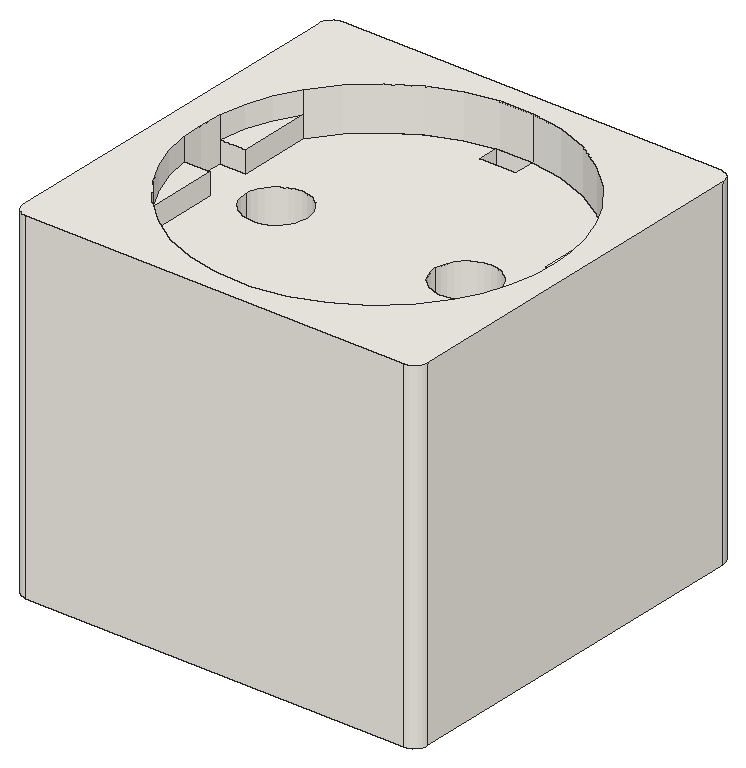
Revit family "Domotics-DomesticRanges-GEWISS-CHORUS_POWER-SOCKET-OUTLET_DEU_COVER", category Apparecchi elettrici, host Superficie, Revit 2016
Family settings
  Host = Superficie
  Mantenere orientamento annotazione = Sì
  Tipo di parte = Normale
  Quota connettore circolare = Usa diametro
  Taglio con vuoti quando caricato = Sì
  Condiviso = Sì
  Punto di calcolo locali = Sì
Parameters (values of type "GW14242 - Socket outlet Deu std 2M 2P+E 16A with cover titanium")
  Wiring terminals = "With screw"
  Voltage: = "250 V ac"
  Voltage = "250 V ac"
  Volt = 230 V
  Vista in pianta [instance] = yes
  Version file RFA = "19.0"
  URL = "https://www.gewiss.com/ww/en"
  Tipo_ = Chorus Prese Ger_GENERICO : GW14241 Presa 2M 2P+T 16A standard Tedesco titanio
  Thermo-pressure with ball = "125 °C"
  Terminal tightening capacity rigid cables (mm2) = "min. 0,5 - max. 2x2,5"
  Terminal tightening capacity flexible cables (mm2) = "min. 0,75 - max. 2x4"
  Terminal grip on cable traction = "> 50 N"
  Technical sheet = "https://www.gewiss.com/ww/en/search?q=GW14242"
  TXT ELETTRICO = "16"
  Standard; = "IEC 60884-1; DIN VDE 0620-1"
  Standard: = "German"
  Standard = "German"
  Simbolo [instance] = yes
  SEO = "Socket outlet"
  Resistance at test voltage = "2000 V at 50 Hz for 1 minute"
  Realized by GEWISS S.p.A. = ""
  Default Elevation = 1219.2 mm
  Prolonged operation (no.of position changes) = "10.000 at In 250 V ac cosØ=0,8"
  Produttore = "GEWISS S.p.A."
  Offset presa [instance] = 0 mm
  Offset bidimensionale [instance] = 2 mm
  No. Chorus modules: = "2"
  No. Chorus modules = "2"
  N. poli = 1
  Modello = "GW14242"
  Insulation resistance = "> 5 MOhm"
  Immagine tipo = GW14241.jpg
  IP degree = "IP40"
  IFC.TypeObject = ""
  IFC.ExportType = ""
  IFC.ExportAs = ""
  IDT = "df24d3f5-b374-4564-a63a-03cc912ed6d1"
  IDF = "6a066b17-f56b-4c47-b854-df18297a964e"
  Glow Wire Test = "850°C"
  For plug pins = "Ø 4.8 mm"
  Electrocod = "0131"
  EAN code = "8011564842045"
  Distanza_x [instance] = 0 mm
  Distanza_effettiva_x [instance] = 1000 mm - Distanza_x  # 1000 mm
  Descrizione = "DEU STD S.-OUT 2M 2P+E 16A WITH COVER TI"
  Description: = "2P+E - 16A"
  Description. = "Socket-outlet"
  Colour = "Titanium"
  Characteristics = "With safety shields"
  Category = "Socket-outlet"
  Catalogue Range = "CHORUS - DOMESTIC RANGE"
  Catalogue = "DOMOTICS"
  Carico apparente = 0 VA
  COBie.Tagnumber = ""
  COBie.CreatedOn = ""
  COBie.CreatebBy = ""
  COBie.ComponentRegisterItemID = ""
  COBie.Component.TagNumber = ""
  COBie.Component.Space = ""
  COBie.Component.SerialNumber = ""
  COBie.Component.InstallationDate = ""
  COBie.Component.Description = ""
  COBie.Component.BarCode = ""
  Breaking capacity: = "1.25 In (100 position changes)"
Types (3, lengths in mm): name | Tipo_ | Technical sheet | Modello | Immagine tipo | IDT | EAN code | Descrizione | Colour
  GW10242 - Socket outlet Deu std 2M 2P+E 16A with cover white | Chorus Prese Ger_GENERICO : GW10241 Presa 2M 2P+T 16A standard Tedesco bianco | "https://www.gewiss.com/ww/en/search?q=GW10242" | "GW10242" | GW10241.jpg | "e7e819f9-07c2-46ba-a7ee-642afbf5c59f" | "8011564842021" | "DEU STD S.-OUT 2M 2P+E 16A WITH COVER WH" | "White"
  GW12242 - Socket outlet Deu std 2M 2P+E 16A with cover black | Chorus Prese Ger_GENERICO : GW12241 Presa 2M 2P+T 16A standard Tedesco nero | "https://www.gewiss.com/ww/en/search?q=GW12242" | "GW12242" | GW12241.jpg | "93f2b58c-fff8-4017-b787-3299f0b6c1db" | "8011564842038" | "DEU STD S.-OUT 2M 2P+E 16A WITH COVER BL" | "Black"
  GW14242 - Socket outlet Deu std 2M 2P+E 16A with cover titanium | Chorus Prese Ger_GENERICO : GW14241 Presa 2M 2P+T 16A standard Tedesco titanio | "https://www.gewiss.com/ww/en/search?q=GW14242" | "GW14242" | GW14241.jpg | "df24d3f5-b374-4564-a63a-03cc912ed6d1" | "8011564842045" | "DEU STD S.-OUT 2M 2P+E 16A WITH COVER TI" | "Titanium"
Reference planes
  plane 1 "Centro (Fronte/Retro)": y = 0
  plane 2: z = 0
  plane 3 "Centro (Sinistra/Destra)": x = 0
  plane 4: x = -1000
  plane 5: x = 0
  plane 6: z = 41
  plane 7: z = 0
  plane 8: z = 39
Lines and regions (mm)
  Masking region 1, visible <- "Vista in pianta"
    outline origin (0, 0, 0) x (1, 0, 0) y (0, 1, 0)
      loop
        line (-23, 21) -> (-23, -21)
        arc (-23, -21) -> (-22.561, -22.061) -> (-21.5, -22.5) r 1.5
        line (-21.5, -22.5) -> (21.5, -22.5)
        arc (21.5, -22.5) -> (22.561, -22.061) -> (23, -21) r 1.5
        line (23, -21) -> (23, 21)
        arc (23, 21) -> (22.561, 22.061) -> (21.5, 22.5) r 1.5
        line (21.5, 22.5) -> (-21.5, 22.5)
        arc (-21.5, 22.5) -> (-22.561, 22.061) -> (-23, 21) r 1.5
      loop
        circle (-10.781, -0.293) r 3.536
      loop
        circle (10.781, -0.293) r 3.536
      loop
        arc (-16.577, -10.706) -> (-8.57, -18) -> (2.056, -20.095) r 20.156
        arc (2.056, -20.095) -> (10.933, -17.246) -> (17.577, -10.706) r 20.156
        arc (17.577, -10.706) -> (19.481, -6.781) -> (20.495, -2.538) r 20.156
        arc (20.495, -2.538) -> (20.656, 0) -> (20.495, 2.538) r 20.156
        arc (20.495, 2.538) -> (19.481, 6.781) -> (17.577, 10.706) r 20.156
        arc (17.577, 10.706) -> (10.933, 17.246) -> (2.056, 20.095) r 20.156
        arc (2.056, 20.095) -> (-8.57, 18) -> (-16.577, 10.706) r 20.156
        arc (-16.577, 10.706) -> (-18.481, 6.781) -> (-19.495, 2.538) r 20.156
        arc (-19.495, 2.538) -> (-19.656, 0) -> (-19.495, -2.538) r 20.156
        arc (-19.495, -2.538) -> (-18.481, -6.781) -> (-16.577, -10.706) r 20.156
      loop
        arc (-16.577, 10.325) -> (-18.342, 6.573) -> (-19.294, 2.538) r 19.956
        line (-19.294, 2.538) -> (-16.577, 2.538) -> (-16.577, 10.325)
      loop
        line (17.577, 2.538) -> (20.294, 2.538)
        arc (20.294, 2.538) -> (19.342, 6.573) -> (17.577, 10.325) r 19.956
        line (17.577, 10.325) -> (17.577, 2.538)
      loop
        arc (2.056, 19.895) -> (-0.003, 19.949) -> (-2.056, 19.791) r 19.956
        line (-2.056, 19.791) -> (-2.056, 17.726) -> (2.056, 17.726) -> (2.056, 19.895)
      loop
        line (-16.577, -10.325) -> (-16.577, -2.538) -> (-19.294, -2.538)
        arc (-19.294, -2.538) -> (-18.342, -6.573) -> (-16.577, -10.325) r 19.956
      loop
        line (17.577, -2.538) -> (17.577, -10.325)
        arc (17.577, -10.325) -> (19.342, -6.573) -> (20.294, -2.538) r 19.956
        line (20.294, -2.538) -> (17.577, -2.538)
      loop
        line (2.056, -19.895) -> (2.056, -17.726) -> (-2.056, -17.726) -> (-2.056, -19.791)
        arc (-2.056, -19.791) -> (-0.003, -19.949) -> (2.056, -19.895) r 19.956
  Masking region 2, visible <- "Vista in pianta"
    outline origin (0, 0, 0) x (1, 0, 0) y (0, 0, 1)
      loop
        line (-23, 39) -> (-23, 0) -> (23, 0) -> (23, 39) -> (-23, 39)
  Masking region 3, visible <- "Vista in pianta"
    outline origin (0, 0, 0) x (0, 1, 0) y (0, 0, 1)
      loop
        line (22.5, 0) -> (22.5, 39) -> (-22.5, 39) -> (-22.5, 0) -> (22.5, 0)
Dimensions and locks
  plane 4 to plane 3 "Centro (Sinistra/Destra)" = 1000 mm
  "Distanza_effettiva_x": plane 4 to plane 5
  "Offset presa": plane 7 to host face
  locked: plane 8 to plane 7 at 39
  "Offset bidimensionale": plane 6 to plane 8
  aligned and locked: plane 2 to host face
  aligned and locked: level to host face
  aligned and locked: plane 5 to nested 1
  aligned and locked: plane 3 "Centro (Sinistra/Destra)" to nested 2
  aligned and locked: plane 1 "Centro (Fronte/Retro)" to nested 2
  aligned and locked: nested 2 to plane 7
  aligned and locked: nested 2 to plane 8
  aligned and locked: Masking region 1 sketch curve to nested 2  (x4)
  aligned and locked: Masking region 2 sketch curve to nested 2  (x2)
  aligned and locked: plane 8 to Masking region 2 sketch curve
  aligned and locked: plane 7 to Masking region 2 sketch curve
  aligned and locked: Masking region 3 sketch curve to nested 2  (x2)
  aligned and locked: plane 8 to Masking region 3 sketch curve
  aligned and locked: plane 7 to Masking region 3 sketch curve
  aligned and locked: import instance to plane 6
Automatic sketch dimensions
  host sketch curve to host sketch curve = 2438.4 mm  (x2)
  Masking region 1 sketch curve to Masking region 1 sketch curve = 0 mm  (x252)
  plane 1 "Centro (Fronte/Retro)" to Masking region 1 sketch curve = 0 mm
  Masking region 1 sketch curve to Masking region 1 sketch curve = 1.5 mm  (x4)
  plane 1 "Centro (Fronte/Retro)" to Masking region 1 sketch curve = 2.538 mm  (x2)
  Masking region 1 sketch curve to Masking region 1 sketch curve = 2.206 mm
  Masking region 1 sketch curve to Masking region 1 sketch curve = 2.717 mm  (x4)
  plane 1 "Centro (Fronte/Retro)" to Masking region 1 sketch curve = 0.293 mm  (x2)
  Masking region 1 sketch curve to Masking region 1 sketch curve = 5.796 mm
  Masking region 1 sketch curve to plane 3 "Centro (Sinistra/Destra)" = 2.056 mm  (x2)
  plane 3 "Centro (Sinistra/Destra)" to Masking region 1 sketch curve = 0.5 mm
  plane 3 "Centro (Sinistra/Destra)" to Masking region 1 sketch curve = 2.056 mm  (x2)
  Masking region 1 sketch curve to Masking region 1 sketch curve = 10.281 mm
  Masking region 1 sketch curve to Masking region 1 sketch curve = 5.423 mm
  Masking region 1 sketch curve to Masking region 1 sketch curve = 9.57 mm
  Masking region 1 sketch curve to Masking region 1 sketch curve = 2.169 mm
  Masking region 1 sketch curve to plane 1 "Centro (Fronte/Retro)" = 2.538 mm  (x2)
  Masking region 1 sketch curve to Masking region 1 sketch curve = 7.401 mm
  Masking region 1 sketch curve to Masking region 1 sketch curve = 2.065 mm
  Masking region 1 sketch curve to Masking region 1 sketch curve = 0.202 mm  (x4)
  Masking region 1 sketch curve to Masking region 1 sketch curve = 2.261 mm
  Masking region 1 sketch curve to Masking region 1 sketch curve = 3.536 mm
  Masking region 1 sketch curve to Masking region 1 sketch curve = 0.201 mm
Nested families
  nested 1: "SIMBOLO PRESE" at (0, 100, 0), TESTO ELETTRICO <- "TXT ELETTRICO", SIMBOLO <- "Simbolo", visible <- "Simbolo", type "PRESA"
    with TESTO ELETTRICO "16", SIMBOLO yes, Distanza dal muro 4.208 mm, BORDO ACCESO yes
  nested 2: "Chorus Prese Ger_GENERICO" at (0, 0, 0), type <- "Tipo_", type "GW14241 Presa 2M 2P+T 16A standard Tedesco titanio", detail levels medium+fine
Connectors
  electrical at (0, 0, 0), driven by "N. poli", driven by "Volt", driven by "Carico apparente"
    settings: on nested 2, index 1, voltage 230 V, apparent load 0 VA, apparent load phase1 0 VA, apparent load phase2 0 VA, apparent load phase3 0 VA, power factor 1, load classification "Altro", number of poles 1, system type 31, power factor state 1, is connector primary yes, connector utility no, sub classification motor no, connector description ""
Definition of nested family "Chorus Prese Ger_GENERICO"
  Parameters (values of type "GW14341 Presa 2M 2P+T 16A+ morsetti frontali standard Tedesco titanio")
    Profondità presa = 39 mm
    Finitura Prese Israele = none
    Altezza da Terra = 750 mm
  Types (8): name
    GW10241 Presa 2M 2P+T 16A standard Tedesco bianco
    GW10251 Presa 2M 2P+T 16A standard Tedesco rossa
    GW10341 Presa 2M 2P+T 16A morsetti frontali standard Tedesco bianco
    GW10351 Presa 2M 2P+T 16A morsetti frontali standard Tedesco rossa
    GW12241 Presa 2M 2P+T 16A standard Tedesco nero
    GW12341 Presa 2M 2P+T 16A morsetti frontali standard Tedesco nero
    GW14241 Presa 2M 2P+T 16A standard Tedesco titanio
    GW14341 Presa 2M 2P+T 16A+ morsetti frontali standard Tedesco titanio
  Reference planes
    plane 1 "Centro (Fronte/Retro)": y = 0
    plane 2: z = 0
    plane 3 "Centro (Sinistra/Destra)": x = 0
    plane 4: y = -22.5
    plane 5: y = 22.5
    plane 6: x = -23
    plane 7: x = 23
    plane 8: z = 34
    plane 9: z = 0
    plane 10: z = 36.5
    plane 11: z = 39
  Forms (mm)
    Extrusion 1, solid, material <- "Finitura Prese Israele"
      sketch origin (0, -772.5, 39) x (1, 0, 0) y (0, 1, 0)
        loop
          arc (-21.5, 795) -> (-22.561, 794.561) -> (-23, 793.5) r 1.5
          line (-23, 793.5) -> (-23, 751.5)
          arc (-23, 751.5) -> (-22.561, 750.439) -> (-21.5, 750) r 1.5
          line (-21.5, 750) -> (21.5, 750)
          arc (21.5, 750) -> (22.561, 750.439) -> (23, 751.5) r 1.5
          line (23, 751.5) -> (23, 793.5)
          arc (23, 793.5) -> (22.561, 794.561) -> (21.5, 795) r 1.5
          line (21.5, 795) -> (-21.5, 795)
      from 0 to -39
    Extrusion 2, void
      sketch origin (0, -772.5, 39) x (1, 0, 0) y (0, 1, 0)
        loop
          arc (-19.495, 775.038) -> (-19.656, 772.5) -> (-19.495, 769.962) r 20.156
          line (-19.495, 769.962) -> (-16.577, 769.962) -> (-16.577, 761.794)
          arc (-16.577, 761.794) -> (-8.57, 754.5) -> (2.056, 752.405) r 20.156
          arc (2.056, 752.405) -> (10.933, 755.254) -> (17.577, 761.794) r 20.156
          line (17.577, 761.794) -> (17.577, 769.962) -> (20.495, 769.962)
          arc (20.495, 769.962) -> (20.656, 772.5) -> (20.495, 775.038) r 20.156
          line (20.495, 775.038) -> (17.577, 775.038) -> (17.577, 783.206)
          arc (17.577, 783.206) -> (10.933, 789.746) -> (2.056, 792.595) r 20.156
          arc (2.056, 792.595) -> (-8.57, 790.5) -> (-16.577, 783.206) r 20.156
          line (-16.577, 783.206) -> (-16.577, 775.038) -> (-19.495, 775.038)
      from -5 to 0
    Extrusion 3, void
      sketch origin (0, -772.5, 39) x (1, 0, 0) y (0, 1, 0)
        loop
          arc (-19.495, 769.962) -> (-18.481, 765.719) -> (-16.577, 761.794) r 20.156
          line (-16.577, 761.794) -> (-16.577, 769.962) -> (-19.495, 769.962)
        loop
          line (20.495, 769.962) -> (17.577, 769.962) -> (17.577, 761.794)
          arc (17.577, 761.794) -> (19.481, 765.719) -> (20.495, 769.962) r 20.156
        loop
          arc (-2.056, 752.507) -> (-0.003, 752.351) -> (2.056, 752.405) r 20.156
          line (2.056, 752.405) -> (2.056, 754.774) -> (-2.056, 754.774) -> (-2.056, 752.507)
        loop
          line (-16.577, 775.038) -> (-16.577, 783.206)
          arc (-16.577, 783.206) -> (-18.481, 779.281) -> (-19.495, 775.038) r 20.156
          line (-19.495, 775.038) -> (-16.577, 775.038)
        loop
          arc (20.495, 775.038) -> (19.481, 779.281) -> (17.577, 783.206) r 20.156
          line (17.577, 783.206) -> (17.577, 775.038) -> (20.495, 775.038)
        loop
          line (2.056, 790.226) -> (2.056, 792.595)
          arc (2.056, 792.595) -> (-0.003, 792.649) -> (-2.056, 792.493) r 20.156
          line (-2.056, 792.493) -> (-2.056, 790.226) -> (2.056, 790.226)
      from -2.5 to 0
    Extrusion 4, void
      sketch origin (0, -772.5, 39) x (1, 0, 0) y (0, 1, 0)
        loop
          circle (10.781, 772.207) r 3.536
        loop
          circle (-10.781, 772.207) r 3.536
      from -20 to -5
    Extrusion 5, void
      sketch origin (0, -772.5, 39) x (1, 0, 0) y (0, 1, 0)
        loop
          line (-2.056, 792.493) -> (-2.056, 790.226) -> (2.056, 790.226) -> (2.056, 792.595)
          arc (2.056, 792.595) -> (-0.003, 792.649) -> (-2.056, 792.493) r 20.156
        loop
          arc (-2.056, 752.507) -> (-0.003, 752.351) -> (2.056, 752.405) r 20.156
          line (2.056, 752.405) -> (2.056, 754.774) -> (-2.056, 754.774) -> (-2.056, 752.507)
      from -20 to -5
  Cuts and joins
    Extrusion 2, Extrusion 3, Extrusion 4, Extrusion 5 cuts Extrusion 1
  Dimensions and locks
    "Profondità presa": plane 11 to level
    aligned and locked: level to plane 2
    aligned and locked: Extrusion 1 to plane 9
    aligned and locked: Extrusion 2 to plane 8
    aligned and locked: Extrusion 3 to plane 10
    aligned and locked: plane 8 to Extrusion 4
    aligned and locked: plane 8 to Extrusion 5
  Automatic sketch dimensions
    Extrusion 1 sketch curve to plane 6 = 0 mm
    Extrusion 1 sketch curve to plane 4 = 0 mm
    Extrusion 1 sketch curve to plane 5 = 0 mm
    Extrusion 1 sketch curve to plane 7 = 0 mm
    plane 6 to Extrusion 1 sketch curve = 1.5 mm  (x2)
    Extrusion 1 sketch curve to plane 7 = 1.5 mm  (x2)
    Extrusion 2 sketch curve to Extrusion 2 sketch curve = 0 mm  (x32)
    plane 1 "Centro (Fronte/Retro)" to Extrusion 2 sketch curve = 0 mm
    plane 6 to Extrusion 2 sketch curve = 3.505 mm
    plane 1 "Centro (Fronte/Retro)" to Extrusion 2 sketch curve = 2.538 mm
    Extrusion 2 sketch curve to Extrusion 2 sketch curve = 2.918 mm  (x2)
    plane 3 "Centro (Sinistra/Destra)" to Extrusion 2 sketch curve = 0.5 mm
    Extrusion 2 sketch curve to plane 7 = 5.423 mm
    Extrusion 2 sketch curve to plane 1 "Centro (Fronte/Retro)" = 2.538 mm
    Extrusion 2 sketch curve to plane 7 = 2.505 mm  (x2)
    Extrusion 2 sketch curve to Extrusion 2 sketch curve = 8.169 mm  (x2)
    plane 3 "Centro (Sinistra/Destra)" to Extrusion 2 sketch curve = 2.056 mm  (x2)
    Extrusion 3 sketch curve to Extrusion 3 sketch curve = 0 mm  (x32)
    plane 1 "Centro (Fronte/Retro)" to Extrusion 3 sketch curve = 0 mm
    plane 6 to Extrusion 3 sketch curve = 3.505 mm
    Extrusion 3 sketch curve to Extrusion 3 sketch curve = 2.918 mm  (x2)
    Extrusion 3 sketch curve to plane 3 "Centro (Sinistra/Destra)" = 2.056 mm  (x2)
    plane 3 "Centro (Sinistra/Destra)" to Extrusion 3 sketch curve = 0.5 mm
    plane 3 "Centro (Sinistra/Destra)" to Extrusion 3 sketch curve = 2.056 mm  (x2)
    Extrusion 3 sketch curve to plane 1 "Centro (Fronte/Retro)" = 2.538 mm  (x2)
    Extrusion 3 sketch curve to plane 7 = 5.423 mm  (x2)
    Extrusion 3 sketch curve to plane 7 = 2.505 mm  (x2)
    plane 1 "Centro (Fronte/Retro)" to Extrusion 3 sketch curve = 2.538 mm  (x2)
    Extrusion 3 sketch curve to Extrusion 3 sketch curve = 8.169 mm
    plane 4 to Extrusion 3 sketch curve = 4.774 mm
    Extrusion 3 sketch curve to Extrusion 3 sketch curve = 2.369 mm
    Extrusion 3 sketch curve to plane 5 = 4.774 mm
    Extrusion 3 sketch curve to Extrusion 3 sketch curve = 2.267 mm
    plane 1 "Centro (Fronte/Retro)" to Extrusion 4 sketch curve = 0.293 mm  (x2)
    Extrusion 4 sketch curve to plane 3 "Centro (Sinistra/Destra)" = 10.781 mm
    plane 3 "Centro (Sinistra/Destra)" to Extrusion 4 sketch curve = 10.781 mm
    Extrusion 5 sketch curve to Extrusion 5 sketch curve = 0 mm  (x2)
    plane 1 "Centro (Fronte/Retro)" to Extrusion 5 sketch curve = 0 mm
    Extrusion 5 sketch curve to plane 3 "Centro (Sinistra/Destra)" = 2.056 mm  (x2)
    plane 3 "Centro (Sinistra/Destra)" to Extrusion 5 sketch curve = 0.5 mm
    plane 3 "Centro (Sinistra/Destra)" to Extrusion 5 sketch curve = 2.056 mm  (x2)
    plane 4 to Extrusion 5 sketch curve = 4.774 mm
    Extrusion 5 sketch curve to Extrusion 5 sketch curve = 2.267 mm  (x2)
    Extrusion 5 sketch curve to plane 5 = 4.774 mm
    radius of Extrusion 4 sketch curve = 3.536 mm  (x2)
Definition of nested family "SIMBOLO PRESE"
  Parameters (values of type "PRESA")
    TESTO ELETTRICO [instance] = "TXT"
    Simbolo = SIMBOLO PRESE_BASE : PRESA
    SIMBOLO [instance] = yes
    Distanza dal muro [instance] = 4.208 mm
    BORDO ACCESO [instance] = yes
  Reference planes
    plane 1: y = 0
    plane 2: x = 0
  Dimensions and locks
    aligned and locked: plane 1 to nested 1
    aligned and locked: plane 2 to nested 1
  Nested families
    nested 1: "SIMBOLO PRESE_BASE" at (0, 0, 0), type <- "Simbolo", TESTO ELETTRICO <- "TESTO ELETTRICO", BORDO ACCESO <- "BORDO ACCESO", visible <- "SIMBOLO", type "PRESA"
      with TESTO ELETTRICO "TXT", BORDO ACCESO yes
  Definition of nested family "SIMBOLO PRESE_BASE"
    Parameters (values of type "PRESA")
      TESTO ELETTRICO [instance] = "TXT"
      Distanza dal muro = 4.208 mm
      BORDO ACCESO [instance] = yes
    Reference planes
      plane 1: y = 0
      plane 2: x = 0
    Lines and regions (mm)
      detail lines, visible <- "BORDO ACCESO", not visible
        curve 1: line (-1.743, 9.208, 0) -> (2.057, 9.208, 0)
        curve 2: line (2.057, 9.208, 0) -> (2.057, 4.208, 0)
        curve 3: line (2.057, 4.208, 0) -> (-1.743, 4.208, 0)
        curve 4: line (-1.743, 4.208, 0) -> (-1.743, 9.208, 0)
        curve 5: line (-1.543, 9.008, 0) -> (1.857, 9.008, 0)
        curve 6: line (1.857, 9.008, 0) -> (1.857, 4.408, 0)
        curve 7: line (1.857, 4.408, 0) -> (-1.543, 4.408, 0)
        curve 8: line (-1.543, 4.408, 0) -> (-1.543, 9.008, 0)
      detail lines
        curve 9: line (0.783, 1.133, 0) -> (-0.783, 1.133, 0)
        curve 10: line (0, 1.133, 0) -> (0, 0.349, 0)
        curve 11: arc (-0.783, 1.916, 0) -> (0, 1.133, 0) -> (0.783, 1.916, 0) r 0.783
    Text (mm)
      label "TXT" at (0.016, 1.578, 0), shows "TESTO ELETTRICO"
